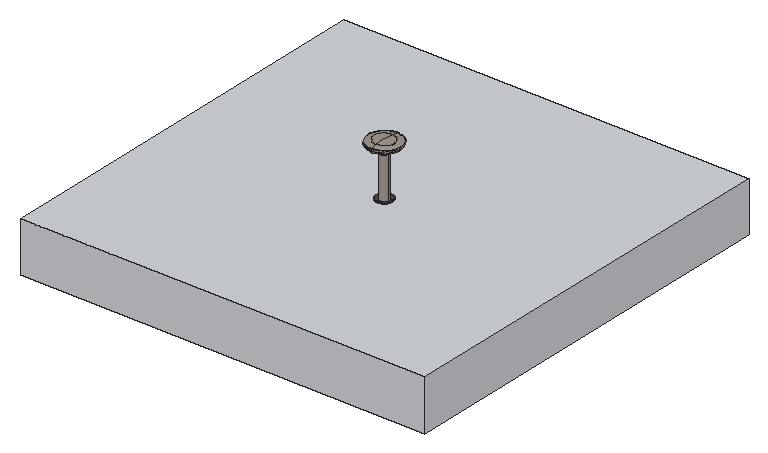
Revit family "BalizadorConcreto_PBC5W_PowerLume", category Luminárias, Revit 2022
Family settings
  Hospedeiro = Face
  Cota do conector redondo = Utilizar diâmetro
  Tipo de parte = Normal
  Número OmniClass = 23.80.70.14.11.14
  Título OmniClass = Post-Top Lighting
  Corte com vazios quando carregada = Sim
  Fonte luminosa = Não
  Manter orientação da anotação = Não
  Compartilhado = Sim
  Ponto de cálculo do ambiente = Não
Parameters (values of type "PBC5W-P")
  Ângulo de abertura = "Difuso"
  Voltagem Luminária = 0 V
  Vida útil = "60000h"
  Versão = 1  # constant formula
  URL do produto = "https://www.powerlume.com.br/produtos/balizador-cogumelo-concreto"
  URL = "https://www.powerlume.com.br/"
  Tipo de imagem = PBC5W.png
  Temperatura de cor = "3000K"  # constant formula
  Potência = "5W"  # constant formula
  Peso = "0"
  Modelo = "PBC5W-P"
  Manual de instalação = ""
  Lâmpada = "Placa LED"
  Localização = "Caxias do Sul - RS / Brasil"  # constant formula
  IfcExportAs = "IfcLightFixtureType"  # constant formula
  IRC = "85"  # constant formula
  IP = "65"  # constant formula
  Frame = Concreto, leve
  Fluxo luminoso = "430 lm"  # constant formula
  Ficha técnica = ""
  Fator de Potência Luminária = 1
  Fabricante = "Power Lume"  # constant formula
  Default Elevation = 1219.2 mm
  Diâmetro = 200 mm  # constant formula
  Difusor = PMMA injetado leitoso anti UV
  Descrição = "Poste balizador LED em concreto"
  Data da atualização = "28/02/2025"  # constant formula
  Assembly Code = ""
  Contato do fabricante = "(54) 3066-6488"  # constant formula
  Comentários de voltagem = "110 ou 220Vac 50/60Hz com driver incorporado"
  Catálogo de produtos = "https://www.powerlume.com.br/downloads"
  Carga Aparente Luminária = 0 VA
  Base = Metal - Alumínio
  Altura da base = 250 mm
  Altura = 322 mm
Types (2, lengths in mm): name | Modelo | Altura da base | Altura
  PBC5W-P | "PBC5W-P" | 250 | 322
  PBC5W-G | "PBC5W-G" | 450 | 522
Reference planes
  plane 1 "Centro (Frente/Trás)": y = 0
  plane 2: z = 0
  plane 3 "Centro (Esquerda/Direita)": x = 0
  plane 4: y = 0
Forms (mm)
  Extrusion 1, solid
    sketch origin (0, 0, 0) x (1, 0, 0) y (0, 1, 0)
      loop
        line (-1219.2, 1219.2) -> (-1219.2, -1219.2) -> (1219.2, -1219.2) -> (1219.2, 1219.2) -> (-1219.2, 1219.2)
    from 0 to -304.8
  Extrusion 2, solid, material "Metal - Chapa de Alumínio - Preto"
    sketch origin (0, 0, 0) x (1, 0, 0) y (0, 1, 0)
      loop
        circle (0, 0) r 50
    from 0 to 2
  Extrusion 3, void
    sketch origin (-4.95, 4.95, 0) x (1, 0, 0) y (0, 1, 0)
      loop
        circle (-23.335, 23.335) r 2.5
    from 0 to 2
  Extrusion 4, void
    sketch origin (6.761, 1.812, 0) x (-0.5, -0.866025, 0) y (0.866025, -0.5, 0)
      loop
        circle (-23.335, 23.335) r 2.5
    from 0 to 2
  Extrusion 5, void
    sketch origin (-1.812, -6.761, 0) x (-0.5, 0.866025, 0) y (-0.866025, -0.5, 0)
      loop
        circle (-23.335, 23.335) r 2.5
    from 0 to 2
  Extrusion 6, solid, material "Concreto, leve" <- "Frame"
    sketch origin (0, 0, 0) x (1, 0, 0) y (0, 1, 0)
      loop
        circle (0, 0) r 27
    from 2 to 252
Cuts and joins
  Extrusion 3, Extrusion 4, Extrusion 5 cuts Extrusion 2
Dimensions and locks
  "Altura da base": Extrusion 6 to cut or joined group of Extrusion 2, Extrusion 3, Extrusion 4, Extrusion 5
  aligned and locked: plane 2 to Extrusion 1
  aligned and locked: level to Extrusion 1
  aligned and locked: Extrusion 6 to nested 1
Automatic sketch dimensions
  Extrusion 1 sketch curve to Extrusion 1 sketch curve = 2438.4 mm  (x2)
  plane 1 "Centro (Frente/Trás)" to Extrusion 2 sketch curve = 0 mm
  Extrusion 2 sketch curve to plane 3 "Centro (Esquerda/Direita)" = 0 mm
  plane 1 "Centro (Frente/Trás)" to Extrusion 6 sketch curve = 0 mm
  Extrusion 6 sketch curve to plane 3 "Centro (Esquerda/Direita)" = 0 mm
  radius of Extrusion 2 sketch curve = 50 mm
  radius of Extrusion 6 sketch curve = 27 mm
Nested families
  nested 1: "BalizadorConcreto_PBC5W_Base_PowerLume" at (0, 0, 252), type "BalizadorConcreto_PBC5W_Base_PowerLume"
Connectors
  electrical at (0, 0, 0), driven by "Voltagem Luminária", driven by "Carga Aparente Luminária", driven by "Fator de Potência Luminária"
    settings: on cut or joined group of Extrusion 2, Extrusion 3, Extrusion 4, Extrusion 5, index 1, voltage 0 V, apparent load 0 VA, apparent load phase1 0 VA, apparent load phase2 0 VA, apparent load phase3 0 VA, power factor 1, load classification "Outro", number of poles 1, system type 31, power factor state 1, is connector primary yes, connector utility no, sub classification motor no, connector description ""
Definition of nested family "BalizadorConcreto_PBC5W_Base_PowerLume"
  Parameters (values of type "BalizadorConcreto_PBC5W_Base_PowerLume")
    Ângulo de abertura = "Difuso"
    Voltagem Luminária = 0 V
    Vida útil = "60000h"
    Versão = 1  # constant formula
    URL do produto = "https://www.powerlume.com.br/produtos/balizador-cogumelo-concreto"
    URL = "https://www.powerlume.com.br/"
    Type Image = element 361463
    Temperatura de cor = "3000K"
    Potência = "5W"  # constant formula
    Peso = "0"
    Model = "PBC5W"  # constant formula
    Manual de instalação = ""
    Lamp = "Placa LED"
    Localização = "Caxias do Sul - RS / Brasil"  # constant formula
    IfcExportAs = "IfcLightFixtureType"  # constant formula
    IRC = "85"  # constant formula
    IP = "65"  # constant formula
    Frame = none
    Fluxo luminoso = "430 lm"
    Ficha técnica = ""
    Fator de Potência Luminária = 1
    Manufacturer = "Power Lume"  # constant formula
    Default Elevation = 1219.2 mm
    Diâmetro = 200 mm  # constant formula
    Difusor = none
    Description = "Poste balizador LED em concreto"
    Data da atualização = "26/02/2025"  # constant formula
    Assembly Code = ""
    Contato do fabricante = "(54) 3066-6488"  # constant formula
    Wattage Comments = "110 ou 220Vac 50/60Hz com driver incorporado"
    Catálogo de produtos = "https://www.powerlume.com.br/downloads"
    Carga Aparente Luminária = 0 VA
    Base = none
  Reference planes
    plane 1 "Centro (Frente/Trás)": y = 0
    plane 2: z = 0
    plane 3 "Centro (Esquerda/Direita)": x = 0
    plane 4: y = 0
  Forms (mm)
    Extrusion 1, solid
      sketch origin (0, 0, 0) x (1, 0, 0) y (0, 1, 0)
        loop
          line (-1219.2, 1219.2) -> (-1219.2, -1219.2) -> (1219.2, -1219.2) -> (1219.2, 1219.2) -> (-1219.2, 1219.2)
      from 0 to -304.8
    Revolve 2, solid, material <- "Frame"
      sketch origin (0, 0, -250) x (0, 1, 0) y (0, 0, 1)
        loop
          arc (61.023, 317.213) -> (31.822, 319.337) -> (2.553, 320.046) r 604.725
          line (2.553, 320.046) -> (0, 320.046) -> (0, 296.045) -> (98.131, 296.045)
          arc (98.131, 296.045) -> (98.761, 296.269) -> (99.11, 296.84) r 1
          arc (99.11, 296.84) -> (99.894, 302.472) -> (99.913, 308.158) r 42.084
          arc (99.913, 308.158) -> (99.706, 308.706) -> (99.228, 309.044) r 1
          arc (99.228, 309.044) -> (80.301, 314.143) -> (60.926, 317.117) r 176.835
        axis (0, 296.045) -> (0, 320.046)
      angle from 0 to 360
    Revolve 3, solid
      sketch origin (0, 0, -250) x (0, 1, 0) y (0, 0, 1)
        loop
          arc (28.486, 260.25) -> (35.301, 276.248) -> (46.809, 289.284) r 54.492
          line (46.809, 289.284) -> (0, 289.284) -> (0, 250) -> (26.966, 250)
          arc (26.966, 250) -> (27.193, 252.883) -> (27.572, 255.75) r 54.492
          arc (27.572, 255.75) -> (27.895, 258.027) -> (28.486, 260.25) r 19.283
        axis (0, 289.284) -> (0, 250)
      angle from 0 to 360
    Revolve 4, solid, material <- "Difusor"
      sketch origin (0, 0, -250) x (0, 1, 0) y (0, 0, 1)
        loop
          arc (46.809, 290.491) -> (62.042, 292.802) -> (77.105, 296.045) r 250.577
          line (77.105, 296.045) -> (72.8, 296.045)
          arc (72.8, 296.045) -> (59.368, 293.342) -> (45.809, 291.38) r 249.577
          line (45.809, 291.38) -> (45.809, 289.284) -> (46.809, 289.284) -> (46.809, 290.491)
        axis (0, 289.284) -> (0, 296.045)
      angle from 0 to 360
  Dimensions and locks
    aligned and locked: plane 2 to Extrusion 1
    aligned and locked: level to Extrusion 1
  Nested families
    nested 1: "BalizadorConcreto_PBC5W_FonteLuminosa_PowerLume" at (0.071, -0.012, 46.045) x (-1, 0, 0) z (0, 0, 1), type "3000K"
  Definition of nested family "BalizadorConcreto_PBC5W_FonteLuminosa_PowerLume"
    Parameters (values of type "3000K")
      Tilt Angle = 90.00°  # constant formula
      Wattage = 10.1296 W
      Dimming Lamp Color Temperature Shift = (empty or 0)
      built-in parameter 1150107 = 3000 (stored number, unit not read)
      built-in parameter 1150110 = 1 (stored number, unit not read)
      built-in parameter 1150109 = 1 (stored number, unit not read)
      built-in parameter 1114218 = 1 (stored number, unit not read)
      built-in parameter 1150112 = 1 (stored number, unit not read)
      built-in parameter 1150113 = 1 (stored number, unit not read)
      built-in parameter 1150132 = 2
      built-in parameter 1150137 = (empty or 0)
      built-in parameter 1150106 = 0.34218 (stored number, unit not read)
      built-in parameter 1150102 = (empty or 0)
      built-in parameter 1150105 = 34.218 (stored number, unit not read)
      Color Filter = 16777215
      built-in parameter 1114217 = 1 (stored number, unit not read)
      built-in parameter 1150139 = (empty or 0)
      Default Elevation = 1219.2 mm
      built-in parameter 1150104 = 3.9437 (stored number, unit not read)
      built-in parameter 1150115 = 1 (stored number, unit not read)
      built-in parameter 1150114 = 1 (stored number, unit not read)
      Lumens = 430 lm
      built-in parameter 1150138 = (empty or 0)
      built-in parameter 1150134 = (empty or 0)
      Photometric Web File = "PBC5W 3000K.ies"
      built-in parameter 1150133 = 10 (stored number, unit not read)
    Reference planes
      plane 1 "Centro (Frente/Trás)": y = 0
      plane 2: z = 0
      plane 3 "Centro (Esquerda/Direita)": x = 0
    Forms (mm)
      Extrusion 1, solid
        sketch origin (0, 0, 0) x (1, 0, 0) y (0, 1, 0)
          loop
            line (-1219.2, 1219.2) -> (-1219.2, -1219.2) -> (1219.2, -1219.2) -> (1219.2, 1219.2) -> (-1219.2, 1219.2)
        from 0 to -304.8
    Dimensions and locks
      aligned and locked: plane 2 to Extrusion 1
      aligned and locked: level to Extrusion 1
